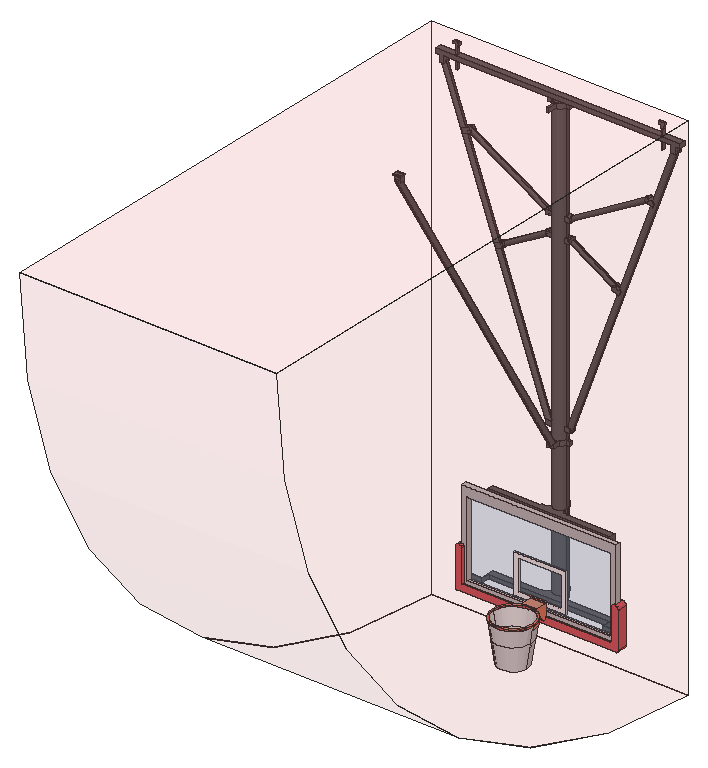
Revit family "Basketball_Backstop-Ceiling_Mount-Forward_Fold-IPIbyBison-IP1360SF-Xtra_Height", category Specialty Equipment, Revit 2026
Family settings
  Round Connector Dimension = Use Diameter
  Part Type = Normal
  Classification Number = 23.40.50.34.14
  Enable Cutting in Views = No
  Always vertical = Yes
  Cut with Voids When Loaded = No
  Maintain Annotation Orientation = No
  Shared = No
  Room Calculation Point = No
Parameters (values of type "Front Fold Front Braced")
  Unit Weight [instance] = 0
  URL = "https://ipibybison.com/"
  Swing Clearance Visible [instance] = yes
  Specification = "https://www.arcat.com/company/ipi-by-bison-38554/spec"
  Set Frame Below Truss Level [instance] = -0' - 1"
  Rim Color [instance] = Plastic - IPI by Bison - Orange OR
  Product Page URL = "https://www.arcat.com/arcatcos/cos38/arc38554.html"
  Net Color [instance] = Finish - IPI by Bison - White Netting
  Model = "IP1360SF"
  Manufacturer = "IPI by Bison"
  Keynote = "11 66 00"
  Glass [instance] = Glass - IPI by Bison
  Frame Finish [instance] = Finish - IPI by Bison - Black
  Folding Clearance [instance] = ARCAT Clearance
  F_Length of Piping Below Brace Point [instance] = 5' - 6"
  FF to Top of Hoop [instance] = 10' - 0"
  Description = "Back Folding Basketball Frame and Backboard, Ceiling Mount"
  Default Elevation = 0' - 0"
  Copyright = "© 2023 ARCAT"  # constant formula
  CAD Details = "https://www.arcat.com/company/ipi-by-bison-38554/cad"
  Backboard Type = Backboard_BA42XLGlass : Backboard_BA42XLGlass
  Backboard Square Color [instance] = Finish - IPI by Bison - White
  Backboard Padding Color [instance] = Plastic - IPI by Bison - Scarlet SC
  Backboard Frame Color [instance] = Finish - IPI by Bison - Satin Aluminum
  Backboard Distance from Wall [instance] = 7' - 0"
  B_Distance Between Y Frame Supports [instance] = 8' - 0"  # constant formula
  Available Options = "as Specified"
  A_Distance to Brace [instance] = 7' - 10"
Reference planes (in)
  plane 1 "Center (Front/Back)": y = 0
  plane 2: z = 0
  plane 3 "Center (Left/Right)": x = 0
  plane 4: y = -84
  plane 5: x = -48
  plane 6: x = 48
  plane 7: z = 120
Forms (in)
  Revolve 1, solid, material "ARCAT Clearance" <- "Folding Clearance", visible <- "Swing Clearance Visible"
    sketch origin (-24.35865, -84, 48) x (-1, 0, 0) y (0, 0, 1)
      loop
        line (35.64135, 288) -> (-84.35865, 288) -> (-84.35865, 48) -> (35.64135, 48) -> (35.64135, 288)
      axis (35.64135, 288) -> (-84.35865, 288)
    angle from 0 to 90
Dimensions and locks (in)
  "Backboard Distance from Wall": plane 4 to plane 1 "Center (Front/Back)"
  "FF to Top of Hoop": plane 7 to level
  equal spacing: plane 5, plane 3 "Center (Left/Right)", plane 6
  "B_Distance Between Y Frame Supports": plane 5 to plane 6
  locked: Revolve 1 sketch curve to plane 5 at 12
  locked: plane 6 to Revolve 1 sketch curve at 12
  locked: plane 7 to Revolve 1 sketch curve at 24
  aligned and locked: level to plane 2
  aligned and locked: nested 2 to plane 4
  aligned and locked: plane 4 to nested 1
  aligned and locked: Revolve 1 sketch curve to level
  aligned and locked: level to Revolve 1 sketch curve
Automatic sketch dimensions
  plane 6 to Revolve 1 sketch curve = 0' - 9.47738"
  plane 5 to Revolve 1 sketch curve = 0' - 4.47738"
Nested families (in)
  nested 1: "Backboard_BA42XLGlass" at (0, -84, 120) x (-1, 0, 0) z (0, 0, 1), built-in parameter 1001364 <- "FF to Top of Hoop", backboard color <- "Backboard Frame Color", backboard square color <- "Backboard Square Color", frame finish <- "Frame Finish", glass <- "Glass", rim finish <- "Rim Color", net color <- "Net Color", padding color <- "Backboard Padding Color", height offset <- "FF to Top of Hoop", type "Backboard_BA42XLGlass"
    with rim finish Plastic - IPI by Bison - Orange OR, padding color Plastic - IPI by Bison - Scarlet SC, net color Finish - IPI by Bison - White Netting, height offset 10' - 0", glass Glass - IPI by Bison, frame finish Finish - IPI by Bison - Black, backboard square color Finish - IPI by Bison - White, backboard color Finish - IPI by Bison - Satin Aluminum
  nested 2: "Frame_FFFB28" at (0, -84, 335), built-in parameter 1001364 <- "Set Frame Below Truss Level", a <- "A_Distance to Brace", f <- "F_Length of Piping Below Brace Point", frame <- "Frame Finish", type "Frame_FFFB28"
    with frame Finish - IPI by Bison - Black, f 5' - 6", b 8' - 0", a 7' - 10"
Definition of nested family "Backboard_BA42XLGlass"
  Parameters (values of type "Backboard_BA42XLGlass")
    padding color [instance] = none
    net color [instance] = none
    rim finish [instance] = none
    height offset [instance] = 9' - 6"
    glass [instance] = none
    frame finish [instance] = none
    backboard square color [instance] = none
    backboard color [instance] = none
    Default Elevation = 4' - 0"
  Reference planes (in)
    plane 1 "Center (Front/Back)": y = 0
    plane 2: z = 0
    plane 3 "Center (Left/Right)": x = 0
    plane 4: z = -114
  Forms (in)
    Extrusion 1, solid, material <- "backboard color"
      sketch origin (-8.43545, 11.2937, 28.94441) x (1, 0, 0) y (0, 0, 1)
        loop
          line (-27.56455, 6.99989) -> (-27.56455, -35.00011) -> (44.43545, -35.00011) -> (44.43545, 6.99989) -> (-27.56455, 6.99989)
        loop
          line (41.81045, 2.74989) -> (-24.93955, 2.74989) -> (-24.93955, -32.37511) -> (41.81045, -32.37511) -> (41.81045, 2.74989)
      from 1.125 to -1.125
    Extrusion 2, solid, material <- "padding color"
      sketch origin (-8.43545, 11.2937, 29.06941) x (1, 0, 0) y (0, 0, 1)
        loop
          line (-27.55038, -17.62511) -> (-27.80038, -17.62511)
          arc (-27.80038, -17.62511) -> (-29.03781, -18.13767) -> (-29.55038, -19.37511) r 1.75
          line (-29.55038, -19.37511) -> (-29.55038, -36.12511)
          arc (-29.55038, -36.12511) -> (-29.25748, -36.83222) -> (-28.55038, -37.12511) r 1
          line (-28.55038, -37.12511) -> (45.44962, -37.12511)
          arc (45.44962, -37.12511) -> (46.15673, -36.83222) -> (46.44962, -36.12511) r 1
          line (46.44962, -36.12511) -> (46.44962, -19.37511)
          arc (46.44962, -19.37511) -> (45.93706, -18.13767) -> (44.69962, -17.62511) r 1.75
          line (44.69962, -17.62511) -> (44.42127, -17.62511)
          arc (44.42127, -17.62511) -> (43.71416, -17.918) -> (43.42127, -18.62511) r 1
          line (43.42127, -18.62511) -> (43.42127, -33.98376) -> (-26.55038, -33.98376) -> (-26.55038, -18.62511)
          arc (-26.55038, -18.62511) -> (-26.84327, -17.918) -> (-27.55038, -17.62511) r 1
      from -2.18697 to 2.14819
    Revolve 3, solid, material <- "net color"
      sketch origin (-8.43545, 27.4812, 28.93687) x (1, 0, 0) y (0, 0, 1)
        loop
          circle (-0.85808, -29.24642) r 0.3125
        loop
          line (-1.03195, -29.9762) -> (0.27041, -37.36226) -> (1.80132, -48.25521) -> (2.05377, -48.25521) -> (0.51737, -37.32314) -> (-0.77809, -29.9762) -> (-1.03195, -29.9762)
        axis (8.43545, -48.25521) -> (8.43545, -29.24642)
      angle from 0 to 360
    Revolve 4, solid, material <- "rim finish"
      sketch origin (0.02792, 11.2937, 0) x (0, 1, 0) y (0, 0, 1)
        loop
          line (6.79001, -0.625) -> (6.54001, -0.625) -> (6.54001, -2.125) -> (6.79001, -2.125) -> (6.79001, -0.625)
        axis (16.04001, -2.125) -> (16.04001, -0.625)
      angle from -90 to 90
    Extrusion 5, solid, material <- "rim finish"
      sketch origin (0, 0, 0) x (0, 1, 0) y (0, 0, 1)
        loop
          line (17.69724, 0) -> (12.8212, 0) -> (13.12361, 1.21287) -> (12.79369, 1.29513) -> (12.47078, 0) -> (12.47078, -6.5) -> (13.63137, -6.5) -> (17.69724, -2.43414) -> (17.69724, 0)
      from -3.50075 to 3.49925
    Extrusion 6, solid, material <- "backboard square color"
      sketch origin (0.02792, 11.2937, 0) x (1, 0, 0) y (0, 0, 1)
        loop
          line (-12.02792, 16.0023) -> (-12.02792, -1.9977) -> (11.97208, -1.9977) -> (11.97208, 16.0023) -> (-12.02792, 16.0023)
        loop
          line (-10.02792, 14.0023) -> (-10.02792, 0) -> (9.97208, 0) -> (9.97208, 14.0023) -> (-10.02792, 14.0023)
      from -0.44333 to 0.05679
    Extrusion 7, solid, material <- "glass"
      sketch origin (0.02792, 11.2937, 0) x (1, 0, 0) y (0, 0, 1)
        loop
          line (-33.40292, 31.6943) -> (-33.40292, -3.4307) -> (33.34708, -3.4307) -> (33.34708, 31.6943) -> (-33.40292, 31.6943)
      from -0.405 to 0
    Extrusion 8, solid, material <- "frame finish"
      sketch origin (0, 11.2937, 0) x (1, 0, 0) y (0, 1, 0)
        loop
          line (-28.5, -7.7495) -> (-6, -7.7495) -> (-6, -8.1245) -> (-4.12188, -8.1245) -> (-3.02199, -10.02957)
          arc (-3.02199, -10.02957) -> (-2.89931, -12.81607) -> (-0.66175, -14.4813) r 3.25
          line (-0.66175, -14.4813) -> (-0.66175, -16.28845) -> (0.60591, -16.28845) -> (0.60591, -14.4813)
          arc (0.60591, -14.4813) -> (2.82905, -12.84298) -> (2.98938, -10.08605) r 3.25
          line (2.98938, -10.08605) -> (4.12188, -8.1245) -> (6, -8.1245) -> (6, -7.7495) -> (28.5, -7.7495) -> (28.5, -1.4995) -> (33, -1.4995) -> (33, -1.125) -> (28.25, -1.125) -> (28.25, -4.7495) -> (-28.25, -4.7495) -> (-28.25, -1.125) -> (-33, -1.125) -> (-33, -1.4995) -> (-28.5, -1.4995) -> (-28.5, -7.7495)
      from -3.4307 to -1.5237
    Extrusion 9, solid, material <- "frame finish"
      sketch origin (0, 11.2937, 0) x (1, 0, 0) y (0, 1, 0)
        loop
          line (-28.5, -7.7495) -> (-6, -7.7495) -> (-6, -8.1245) -> (-4.12188, -8.1245) -> (-3.02199, -10.02957)
          arc (-3.02199, -10.02957) -> (-2.89931, -12.81607) -> (-0.66175, -14.4813) r 3.25
          line (-0.66175, -14.4813) -> (-0.66175, -16.28845) -> (0.60591, -16.28845) -> (0.60591, -14.4813)
          arc (0.60591, -14.4813) -> (2.82905, -12.84298) -> (2.98938, -10.08605) r 3.25
          line (2.98938, -10.08605) -> (4.12188, -8.1245) -> (6, -8.1245) -> (6, -7.7495) -> (28.5, -7.7495) -> (28.5, -1.4995) -> (33, -1.4995) -> (33, -1.125) -> (28.25, -1.125) -> (28.25, -4.7495) -> (-28.25, -4.7495) -> (-28.25, -1.125) -> (-33, -1.125) -> (-33, -1.4995) -> (-28.5, -1.4995) -> (-28.5, -7.7495)
      from 31.75979 to 34.1423
  Lines and regions (in)
    model lines
      curve 1: line (-0.00075, 0, 0) -> (-0.00075, 0, -114)
  Dimensions and locks (in)
    "height offset": level to plane 4
    aligned and locked: plane 2 to level
    aligned and locked: plane 4 to curve 1
  Automatic sketch dimensions
    curve 1 to level = 0' - 0"
    curve 1 to plane 3 "Center (Left/Right)" = 0' - 0.00075"
    Extrusion 1 sketch curve to plane 3 "Center (Left/Right)" = 3' - 0"
    Extrusion 1 sketch curve to Extrusion 1 sketch curve = 0' - 2 5/8"  (x2)
    plane 3 "Center (Left/Right)" to Extrusion 1 sketch curve = 2' - 9 3/8"
    Extrusion 1 sketch curve to level = 0' - 6.0557"
    Extrusion 1 sketch curve to level = 0' - 3.4307"
    level to Extrusion 1 sketch curve = 2' - 7.6943"
    Extrusion 1 sketch curve to Extrusion 1 sketch curve = 0' - 4 1/4"
    level to Extrusion 2 sketch curve = 0' - 9.6943"
    Extrusion 2 sketch curve to plane 3 "Center (Left/Right)" = 3' - 1.98582"
    Extrusion 2 sketch curve to Extrusion 2 sketch curve = 0' - 1"  (x4)
    Extrusion 2 sketch curve to Extrusion 2 sketch curve = 0' - 1 3/4"
    Extrusion 2 sketch curve to Extrusion 2 sketch curve = 0' - 0 1/4"
    level to Extrusion 2 sketch curve = 0' - 10.4443"
    plane 3 "Center (Left/Right)" to Extrusion 2 sketch curve = 2' - 10.98582"
    Extrusion 2 sketch curve to Extrusion 2 sketch curve = 0' - 0.27835"
    Extrusion 2 sketch curve to Extrusion 2 sketch curve = 0' - 2.02835"
    Extrusion 2 sketch curve to level = 0' - 4.91435"
    Extrusion 2 sketch curve to Extrusion 2 sketch curve = 0' - 2.14135"
    Revolve 3 sketch curve to plane 3 "Center (Left/Right)" = 0' - 0"
    Revolve 3 sketch curve to plane 3 "Center (Left/Right)" = 0' - 6.38167"
    Revolve 3 sketch curve to Revolve 3 sketch curve = 0' - 0.25246"
    Revolve 3 sketch curve to plane 3 "Center (Left/Right)" = 0' - 7.91808"
    Revolve 3 sketch curve to Revolve 3 sketch curve = 0' - 0.24696"
    Revolve 3 sketch curve to level = 0' - 1.03933"
    Revolve 3 sketch curve to Revolve 3 sketch curve = 0' - 1.0485"
    Revolve 3 sketch curve to level = 0' - 0.30954"
    Revolve 3 sketch curve to Revolve 3 sketch curve = 0' - 0.07999"
    Revolve 3 sketch curve to Revolve 3 sketch curve = 0' - 0.25386"
    Revolve 3 sketch curve to Revolve 3 sketch curve = 0' - 7.34694"
    Revolve 3 sketch curve to Revolve 3 sketch curve = 0' - 0.03911"
    Revolve 3 sketch curve to Revolve 3 sketch curve = 0' - 10.89295"
    Revolve 3 sketch curve to level = 0' - 0.00754"
    level to Revolve 3 sketch curve = 0' - 2.99246"
    Revolve 4 sketch curve to level = 0' - 2 1/8"
    Revolve 4 sketch curve to plane 1 "Center (Front/Back)" = 1' - 5.83371"
    Revolve 4 sketch curve to Revolve 4 sketch curve = 0' - 0 1/4"
    Revolve 4 sketch curve to level = 0' - 0 5/8"  (x2)
    Revolve 4 sketch curve to Revolve 4 sketch curve = 0' - 9 1/4"
    level to Revolve 4 sketch curve = 0' - 3 1/8"
    Extrusion 5 sketch curve to level = 0' - 0"  (x2)
    Extrusion 5 sketch curve to plane 1 "Center (Front/Back)" = 1' - 0.47078"
    level to Extrusion 5 sketch curve = 0' - 1.29513"
    Extrusion 5 sketch curve to Extrusion 5 sketch curve = 0' - 0.32291"
    Extrusion 5 sketch curve to Extrusion 5 sketch curve = 0' - 0.35043"
    Extrusion 5 sketch curve to Extrusion 5 sketch curve = 0' - 1.16059"
    Extrusion 5 sketch curve to Extrusion 5 sketch curve = 0' - 4.57363"
    Extrusion 5 sketch curve to Extrusion 5 sketch curve = 0' - 2.43414"
    Extrusion 5 sketch curve to Extrusion 5 sketch curve = 0' - 6 1/2"
    Extrusion 6 sketch curve to level = 0' - 0"
    Extrusion 6 sketch curve to level = 0' - 1.9977"
    Extrusion 6 sketch curve to plane 3 "Center (Left/Right)" = 1' - 0"
    Extrusion 6 sketch curve to Extrusion 6 sketch curve = 0' - 2"  (x3)
    plane 3 "Center (Left/Right)" to Extrusion 6 sketch curve = 0' - 10"
    Extrusion 6 sketch curve to Extrusion 6 sketch curve = 1' - 2.0023"
    Extrusion 7 sketch curve to plane 3 "Center (Left/Right)" = 2' - 9 3/8"
    Extrusion 7 sketch curve to level = 0' - 3.4307"
    plane 3 "Center (Left/Right)" to Extrusion 7 sketch curve = 2' - 9 3/8"
    level to Extrusion 7 sketch curve = 2' - 7.6943"
    Extrusion 8 sketch curve to Extrusion 8 sketch curve = 0' - 0"  (x3)
    plane 1 "Center (Front/Back)" to Extrusion 8 sketch curve = 0' - 0"
    Extrusion 8 sketch curve to plane 1 "Center (Front/Back)" = 0' - 9.7942"
    Extrusion 8 sketch curve to plane 3 "Center (Left/Right)" = 2' - 9"
    Extrusion 8 sketch curve to plane 1 "Center (Front/Back)" = 0' - 3.5442"
    Extrusion 8 sketch curve to Extrusion 8 sketch curve = 0' - 4 1/2"  (x2)
    Extrusion 8 sketch curve to Extrusion 8 sketch curve = 0' - 0 1/4"  (x2)
    Extrusion 8 sketch curve to plane 3 "Center (Left/Right)" = 0' - 6"
    Extrusion 8 sketch curve to Extrusion 8 sketch curve = 0' - 1.87812"  (x2)
    Extrusion 8 sketch curve to Extrusion 8 sketch curve = 0' - 1.09989"
    Extrusion 8 sketch curve to plane 3 "Center (Left/Right)" = 0' - 0.66175"
    Extrusion 8 sketch curve to plane 3 "Center (Left/Right)" = 0' - 0.02792"
    plane 3 "Center (Left/Right)" to Extrusion 8 sketch curve = 0' - 0.60591"
    Extrusion 8 sketch curve to plane 1 "Center (Front/Back)" = 0' - 1.20765"
    plane 3 "Center (Left/Right)" to Extrusion 8 sketch curve = 0' - 2.98938"
    Extrusion 8 sketch curve to Extrusion 8 sketch curve = 0' - 1.1325"
    Extrusion 8 sketch curve to plane 1 "Center (Front/Back)" = 0' - 10.1687"
    Extrusion 8 sketch curve to Extrusion 8 sketch curve = 1' - 10 1/4"
    Extrusion 8 sketch curve to Extrusion 8 sketch curve = 0' - 1.80715"
    Extrusion 8 sketch curve to Extrusion 8 sketch curve = 0' - 0 3/8"  (x2)
    Extrusion 8 sketch curve to plane 1 "Center (Front/Back)" = 0' - 3.1692"
    Extrusion 8 sketch curve to Extrusion 8 sketch curve = 0' - 3"
    Extrusion 8 sketch curve to Extrusion 8 sketch curve = 0' - 0.3745"  (x2)
    Extrusion 9 sketch curve to Extrusion 9 sketch curve = 0' - 0"  (x3)
    plane 1 "Center (Front/Back)" to Extrusion 9 sketch curve = 0' - 0"
    Extrusion 9 sketch curve to plane 1 "Center (Front/Back)" = 0' - 9.7942"
    Extrusion 9 sketch curve to plane 3 "Center (Left/Right)" = 2' - 9"
    Extrusion 9 sketch curve to plane 1 "Center (Front/Back)" = 0' - 3.5442"  (x2)
    Extrusion 9 sketch curve to Extrusion 9 sketch curve = 0' - 4 1/2"  (x2)
    Extrusion 9 sketch curve to Extrusion 9 sketch curve = 0' - 0 1/4"  (x2)
    Extrusion 9 sketch curve to plane 3 "Center (Left/Right)" = 0' - 6"
    Extrusion 9 sketch curve to Extrusion 9 sketch curve = 0' - 1.87812"  (x2)
    Extrusion 9 sketch curve to Extrusion 9 sketch curve = 0' - 1.09989"
    Extrusion 9 sketch curve to plane 3 "Center (Left/Right)" = 0' - 0.66175"
    Extrusion 9 sketch curve to plane 3 "Center (Left/Right)" = 0' - 0.02792"
    plane 3 "Center (Left/Right)" to Extrusion 9 sketch curve = 0' - 0.60591"
    Extrusion 9 sketch curve to plane 1 "Center (Front/Back)" = 0' - 1.20765"
    plane 3 "Center (Left/Right)" to Extrusion 9 sketch curve = 0' - 2.98938"
    Extrusion 9 sketch curve to Extrusion 9 sketch curve = 0' - 1.1325"
    Extrusion 9 sketch curve to plane 1 "Center (Front/Back)" = 0' - 10.1687"
    Extrusion 9 sketch curve to Extrusion 9 sketch curve = 1' - 10 1/4"
    Extrusion 9 sketch curve to Extrusion 9 sketch curve = 0' - 1.80715"
    Extrusion 9 sketch curve to Extrusion 9 sketch curve = 0' - 0 3/8"
    Extrusion 9 sketch curve to plane 1 "Center (Front/Back)" = 0' - 3.1692"
    Extrusion 9 sketch curve to Extrusion 9 sketch curve = 0' - 3"
    Extrusion 9 sketch curve to Extrusion 9 sketch curve = 0' - 0.3745"  (x2)
    radius of Revolve 3 sketch curve = 0' - 0 5/16"
Definition of nested family "Frame_FFFB28"
  Parameters (values of type "Frame_FFFB28")
    frame [instance] = none
    f [instance] = 5' - 6"
    b [instance] = 8' - 0"  # constant formula
    a [instance] = 7' - 10"
    Default Elevation = 4' - 0"
  Reference planes (in)
    plane 1 "Center (Front/Back)": y = 0
    plane 2: z = 0
    plane 3 "Center (Left/Right)": x = 0
    plane 4: z = -4.125
    plane 5: x = -48
    plane 6: x = 48
    plane 7: y = -94
    plane 8: z = -218.99815
    plane 9: z = -147.99815
    plane 10: z = -152.99815
  Forms (in)
    Extrusion 1, solid, material <- "frame"
      sketch origin (0, -11.3035, -153.07474) x (-1, 0, 0) y (0, -1, 0)
        loop
          circle (0, -11.3035) r 3
      from -65.92342 to 142.141
    Sweep 2, solid, material <- "frame"
      path origin (0, -11.3035, -153.07474) x (0, -1, 0) y (0, 0, 1)
        loop
          line (-6.72086, 0.07658) -> (83.22425, 150.2898)
      profile origin (0, -49.5552, -77.89154) x (0, 0.857953, 0.513728) y (-1, 0, 0)
        loop
          circle (0, 0) r 1.1875
    Extrusion 3, solid, material <- "frame"
      sketch origin (0, -7.24868, -152.99815) x (0, -1, 0) y (1, 0, 0)
        loop
          arc (-7.85459, 3.12672) -> (-10.42565, 0) -> (-7.85459, -3.12672) r 3.18676
          line (-7.85459, -3.12672) -> (-7.85459, -5.03472) -> (-6.62159, -5.03472) -> (-6.62159, -3.12716)
          arc (-6.62159, -3.12716) -> (-5.42523, -2.62123) -> (-4.53006, -1.68) r 3.1875
          line (-4.53006, -1.68) -> (-1.38829, -1.68) -> (-1.38829, 1.68) -> (-4.53006, 1.68)
          arc (-4.53006, 1.68) -> (-5.42523, 2.62123) -> (-6.62159, 3.12716) r 3.1875
          line (-6.62159, 3.12716) -> (-6.62159, 5.03472) -> (-7.85459, 5.03472) -> (-7.85459, 3.12672)
      from 1 to -1
    Extrusion 4, solid, material <- "frame"
      sketch origin (0, -11.3035, 0.00021) x (-1, 0, 0) y (0, -1, 0)
        loop
          arc (-3.12672, -11.90941) -> (0, -14.48047) -> (3.12672, -11.90941) r 3.18676
          line (3.12672, -11.90941) -> (5.03472, -11.90941) -> (5.03472, -10.67641) -> (3.12716, -10.67641)
          arc (3.12716, -10.67641) -> (2.22195, -9.00829) -> (0.529, -8.15041) r 3.1875
          line (0.529, -8.15041) -> (0.529, -4.10397) -> (-0.529, -4.10397) -> (-0.529, -8.15041)
          arc (-0.529, -8.15041) -> (-2.22195, -9.00829) -> (-3.12716, -10.67641) r 3.1875
          line (-3.12716, -10.67641) -> (-5.03472, -10.67641) -> (-5.03472, -11.90941) -> (-3.12672, -11.90941)
      from -13.11368 to -11.12364
    Extrusion 5, solid, material <- "frame"
      sketch origin (0, -11.3035, 0.00021) x (-1, 0, 0) y (0, 0, 1)
        loop
          line (-48.5, -3.50564) -> (-48.5, -3.61459) -> (-49.16126, -3.61459) -> (-49.16126, -4.63582) -> (-48.5, -4.63582) -> (-48.5, -6.00564) -> (-48.40732, -6.00564) -> (-48.40732, -15.00564) -> (-47.59268, -15.00564) -> (-47.59268, -6.00564) -> (-47.5, -6.00564) -> (-47.5, -4.63582) -> (-46.36, -4.63582) -> (-46.36, -3.61459) -> (-47.5, -3.61459) -> (-47.5, -3.50564) -> (-48.5, -3.50564)
        loop
          line (48.5, -3.50564) -> (47.5, -3.50564) -> (47.5, -3.61459) -> (46.83874, -3.61459) -> (46.83874, -4.63582) -> (47.5, -4.63582) -> (47.5, -6.00564) -> (47.59268, -6.00564) -> (47.59268, -15.00564) -> (48.40732, -15.00564) -> (48.40732, -6.00564) -> (48.5, -6.00564) -> (48.5, -4.63582) -> (49.64, -4.63582) -> (49.64, -3.61459) -> (48.5, -3.61459) -> (48.5, -3.50564)
      from 10.871 to 11.73041
    Extrusion 6, solid, material <- "frame"
      sketch origin (0, -94, -0.87353) x (0, 0, -1) y (1, 0, 0)
        loop
          line (-0.00254, 1.5625) -> (-0.00254, -1.5625) -> (2.99746, -1.5625) -> (2.99746, 1.5625) -> (-0.00254, 1.5625)
      from -0.625 to 0.625
    Extrusion 7, solid, material <- "frame"
      sketch origin (0, 0, 0.00021) x (0, -1, 0) y (0, 0, 1)
        loop
          line (92.5, -0.87374) -> (92.5, -1.12374) -> (95.5, -1.12374) -> (95.5, -0.87374) -> (92.5, -0.87374)
      from -1.5625 to 1.5625
    Extrusion 8, solid, material <- "frame"
      sketch origin (0, -0.03, 0) x (1, 0, 0) y (0, 0, 1)
        loop
          line (-57, -8.85715) -> (-57, -10.85715) -> (-55, -10.85715) -> (-55, -14.10715) -> (-53, -14.10715) -> (-53, -10.85715) -> (53, -10.85715) -> (53, -14.10715) -> (55, -14.10715) -> (55, -10.85715) -> (57, -10.85715) -> (57, -8.85715) -> (-57, -8.85715)
      from -1.53 to 1.47
    Sweep 9, solid, material <- "frame"
      path origin (0, -0.03, 0) x (-1, 0, 0) y (0, 0, 1)
        loop
          line (-54.25831, -12.58204) -> (-4.68934, -147.70227)
      profile origin (29.47382, -0.03, -80.14215) x (0.93882, 0, -0.344407) y (0, -1, 0)
        loop
          circle (0, 0) r 1.2175
    Extrusion 10, solid, material <- "frame"
      sketch origin (0, -0.03, 0) x (1, 0, 0) y (0, 0, 1)
        loop
          line (-44.88847, -38.1233) -> (-44.19966, -40.00094) -> (-40.5513, -38.66254) -> (-41.24011, -36.7849) -> (-44.88847, -38.1233)
        loop
          line (-29.35533, -80.46516) -> (-28.66652, -82.3428) -> (-25.14594, -81.05127) -> (-25.83475, -79.17363) -> (-29.35533, -80.46516)
        loop
          line (-2.78107, -58.17015) -> (-5.78107, -58.17015) -> (-5.78107, -60.17015) -> (-2.78107, -60.17015) -> (-2.78107, -58.17015)
        loop
          line (-2.78107, -67.17015) -> (-5.78107, -67.17015) -> (-5.78107, -69.17015) -> (-2.78107, -69.17015) -> (-2.78107, -67.17015)
        loop
          line (44.88847, -38.1233) -> (41.24011, -36.7849) -> (40.5513, -38.66254) -> (44.19966, -40.00094) -> (44.88847, -38.1233)
        loop
          line (29.35533, -80.46516) -> (25.83475, -79.17363) -> (25.14594, -81.05127) -> (28.66652, -82.3428) -> (29.35533, -80.46516)
        loop
          line (2.78107, -58.17015) -> (2.78107, -60.17015) -> (5.78107, -60.17015) -> (5.78107, -58.17015) -> (2.78107, -58.17015)
        loop
          line (2.78107, -67.17015) -> (2.78107, -69.17015) -> (5.78107, -69.17015) -> (5.78107, -67.17015) -> (2.78107, -67.17015)
        loop
          line (-2.69765, -147.99815) -> (-2.69765, -145.99815) -> (-5.69765, -145.99815) -> (-5.69765, -147.99815) -> (-2.69765, -147.99815)
        loop
          line (2.69765, -147.99815) -> (5.69765, -147.99815) -> (5.69765, -145.99815) -> (2.69765, -145.99815) -> (2.69765, -147.99815)
      from -1.42904 to 1.345
    Sweep 11, solid, material <- "frame"
      path origin (0, -0.03, 0) x (1, 0, 0) y (0, 0, 1)
        loop
          line (-42.36358, -37.61622) -> (-4.38156, -59.54515)
      profile origin (-23.37257, -0.03, -48.58069) x (0.5, 0, 0.866025) y (0, -1, 0)
        loop
          circle (0, 0) r 1
    Sweep 12, solid, material <- "frame"
      path origin (0, -0.03, 0) x (-1, 0, 0) y (0, 0, 1)
        loop
          line (-42.36358, -37.61622) -> (-4.38156, -59.54515)
      profile origin (23.37257, -0.03, -48.58069) x (0.5, 0, -0.866025) y (0, -1, 0)
        loop
          circle (0, 0) r 1
    Sweep 13, solid, material <- "frame"
      path origin (0, -0.03, 0) x (1, 0, 0) y (0, 0, 1)
        loop
          line (-26.81592, -80.74764) -> (-4.38156, -67.79515)
      profile origin (-15.59874, -0.03, -74.2714) x (-0.5, 0, 0.866025) y (0, -1, 0)
        loop
          circle (0, 0) r 1
    Sweep 14, solid, material <- "frame"
      path origin (0, -0.03, 0) x (-1, 0, 0) y (0, 0, 1)
        loop
          line (-26.81592, -80.74764) -> (-4.38156, -67.79515)
      profile origin (15.59874, -0.03, -74.2714) x (-0.5, 0, -0.866025) y (0, -1, 0)
        loop
          circle (0, 0) r 1
    Sweep 15, solid, material <- "frame"
      path origin (0, -0.03, 0) x (1, 0, 0) y (0, 0, 1)
        loop
          line (-54.25831, -12.58204) -> (-4.68934, -147.70227)
      profile origin (-29.47382, -0.03, -80.14215) x (0.93882, 0, 0.344407) y (0, -1, 0)
        loop
          circle (0, 0) r 1.2175
  Dimensions and locks (in)
    Extrusion 5 sketch curve to Extrusion 5 sketch curve to Extrusion 5 sketch curve to Extrusion 5 sketch curve = 0' - 0.09268" locked, 0' - 0.81463", 0' - 0.09268" locked  (x2)
    locked: Extrusion 7 sketch curve to Extrusion 7 sketch curve at 3
    equal spacing: plane 5, plane 3 "Center (Left/Right)", plane 6
    "b": plane 5 to plane 6
    "a": plane 7 to plane 1 "Center (Front/Back)"
    locked: Sweep 2 sketch curve to plane 7 at 0.52775
    locked: level to Sweep 2 sketch curve at 2.78493
    locked: level to Sweep 2 sketch curve at 152.99815
    locked: Sweep 2 sketch curve to plane 1 "Center (Front/Back)" at 4.58264
    locked: Extrusion 7 sketch curve to plane 7 at 1.5
    locked: level to plane 4 at 4.125
    locked: plane 4 to plane 9 at 143.87315
    locked: plane 9 to plane 10 at 5
    "f": plane 10 to plane 8
    Extrusion 10 sketch curve to plane 9 to Extrusion 10 sketch curve = 0' - 2" locked, 0' - 0" locked  (x2)
    locked: Sweep 9 sketch curve to plane 9 at 0.29588
    locked: Sweep 9 sketch curve to plane 3 "Center (Left/Right)" at 4.68934
    locked: plane 4 to Sweep 9 sketch curve at 8.45704
    locked: plane 6 to Sweep 9 sketch curve at 6.25831
    locked: plane 4 to Sweep 13 sketch curve at 76.62264
    locked: plane 5 to Sweep 13 sketch curve at 21.18408
    locked: plane 4 to Sweep 15 sketch curve at 143.57727
    locked: plane 3 "Center (Left/Right)" to Sweep 15 sketch curve at 4.68934
    locked: plane 4 to Sweep 15 sketch curve at 8.45704
    locked: Sweep 15 sketch curve to plane 5 at 6.25831
    aligned and locked: plane 2 to level
    aligned and locked: plane 8 to Extrusion 1
  Automatic sketch dimensions
    plane 1 "Center (Front/Back)" to Extrusion 1 sketch curve = 0' - 0"
    Extrusion 1 sketch curve to plane 3 "Center (Left/Right)" = 0' - 0"
    profile plane to Sweep 2 sketch curve = 0' - 0"
    Sweep 2 sketch curve to profile plane = 0' - 0"
    Extrusion 3 sketch curve to Extrusion 3 sketch curve = 0' - 0"  (x7)
    Extrusion 3 sketch curve to plane 3 "Center (Left/Right)" = 0' - 0"
    Extrusion 3 sketch curve to plane 1 "Center (Front/Back)" = 0' - 0.60591"  (x2)
    plane 1 "Center (Front/Back)" to Extrusion 3 sketch curve = 0' - 0.0098"
    plane 1 "Center (Front/Back)" to Extrusion 3 sketch curve = 0' - 0.62709"  (x2)
    Extrusion 3 sketch curve to Extrusion 3 sketch curve = 0' - 2.09154"  (x2)
    plane 3 "Center (Left/Right)" to Extrusion 3 sketch curve = 0' - 1.68"
    Extrusion 3 sketch curve to Extrusion 3 sketch curve = 0' - 3.14176"
    Extrusion 3 sketch curve to plane 3 "Center (Left/Right)" = 0' - 1.68"
    Extrusion 3 sketch curve to Extrusion 3 sketch curve = 0' - 0.00044"
    Extrusion 3 sketch curve to Extrusion 3 sketch curve = 0' - 1.90801"
    Extrusion 3 sketch curve to Extrusion 3 sketch curve = 0' - 1.90757"
    Extrusion 4 sketch curve to Extrusion 4 sketch curve = 0' - 0"  (x8)
    Extrusion 4 sketch curve to plane 3 "Center (Left/Right)" = 0' - 0"
    plane 3 "Center (Left/Right)" to Extrusion 4 sketch curve = 0' - 0.529"
    Extrusion 4 sketch curve to plane 1 "Center (Front/Back)" = 0' - 0.60591"  (x2)
    plane 3 "Center (Left/Right)" to Extrusion 4 sketch curve = 0' - 3.12672"
    Extrusion 4 sketch curve to Extrusion 4 sketch curve = 0' - 1.90801"
    Extrusion 4 sketch curve to plane 3 "Center (Left/Right)" = 0' - 0.529"
    plane 1 "Center (Front/Back)" to Extrusion 4 sketch curve = 0' - 0.62709"  (x2)
    Extrusion 4 sketch curve to Extrusion 4 sketch curve = 0' - 0.00044"
    Extrusion 4 sketch curve to Extrusion 4 sketch curve = 0' - 1.90757"
    plane 1 "Center (Front/Back)" to Extrusion 4 sketch curve = 0' - 0.0098"
    Extrusion 4 sketch curve to Extrusion 4 sketch curve = 0' - 4.04643"
    Extrusion 5 sketch curve to plane 4 = 0' - 0.51062"  (x4)
    Extrusion 5 sketch curve to plane 6 = 0' - 1.16126"
    Extrusion 5 sketch curve to plane 6 = 0' - 0 1/2"  (x2)
    plane 6 to Extrusion 5 sketch curve = 0' - 0 1/2"
    plane 4 to Extrusion 5 sketch curve = 0' - 0.51062"  (x4)
    Extrusion 5 sketch curve to Extrusion 5 sketch curve = 0' - 1.14"  (x2)
    Extrusion 5 sketch curve to plane 5 = 0' - 1.16126"
    Extrusion 5 sketch curve to plane 5 = 0' - 0 1/2"  (x2)
    Extrusion 5 sketch curve to Extrusion 5 sketch curve = 0' - 0.09268"
    Extrusion 5 sketch curve to Extrusion 5 sketch curve = 0' - 1.36982"  (x2)
    Extrusion 5 sketch curve to Extrusion 5 sketch curve = 0' - 0"  (x2)
    Extrusion 5 sketch curve to Extrusion 5 sketch curve = 0' - 9"  (x2)
    Extrusion 5 sketch curve to Extrusion 5 sketch curve = 0' - 0.10895"  (x2)
    Extrusion 6 sketch curve to level = 0' - 0.87099"
    plane 4 to Extrusion 6 sketch curve = 0' - 0.25401"
    Extrusion 6 sketch curve to plane 3 "Center (Left/Right)" = 0' - 1 9/16"
    plane 3 "Center (Left/Right)" to Extrusion 6 sketch curve = 0' - 1 9/16"
    Extrusion 7 sketch curve to level = 0' - 1.12353"
    Extrusion 7 sketch curve to Extrusion 7 sketch curve = 0' - 0 1/4"
    plane 5 to Extrusion 8 sketch curve = 0' - 9"
    Extrusion 8 sketch curve to Extrusion 8 sketch curve = 0' - 2"  (x5)
    Extrusion 8 sketch curve to plane 6 = 0' - 5"
    Extrusion 8 sketch curve to plane 4 = 0' - 9.98215"  (x2)
    Extrusion 8 sketch curve to Extrusion 8 sketch curve = 0' - 3 1/4"  (x2)
    Extrusion 8 sketch curve to Extrusion 8 sketch curve = 0' - 0"
    Sweep 9 sketch curve to profile plane = 0' - 0"  (x2)
    Extrusion 10 sketch curve to plane 5 = 0' - 3.11153"
    Extrusion 10 sketch curve to Extrusion 10 sketch curve = 0' - 0.68881"  (x4)
    Extrusion 10 sketch curve to Extrusion 10 sketch curve = 0' - 3.64836"
    Extrusion 10 sketch curve to plane 5 = 1' - 6.64467"
    Extrusion 10 sketch curve to Extrusion 10 sketch curve = 0' - 3.52058"  (x2)
    Extrusion 10 sketch curve to plane 3 "Center (Left/Right)" = 0' - 5.78107"  (x2)
    Extrusion 10 sketch curve to plane 3 "Center (Left/Right)" = 0' - 5.69765"
    Extrusion 10 sketch curve to plane 3 "Center (Left/Right)" = 0' - 2.78107"  (x2)
    Extrusion 10 sketch curve to plane 3 "Center (Left/Right)" = 0' - 2.69765"
    plane 3 "Center (Left/Right)" to Extrusion 10 sketch curve = 0' - 2.69765"
    plane 3 "Center (Left/Right)" to Extrusion 10 sketch curve = 0' - 2.78107"  (x2)
    Extrusion 10 sketch curve to Extrusion 10 sketch curve = 0' - 3"  (x3)
    Extrusion 10 sketch curve to Extrusion 10 sketch curve = 1' - 7.36487"
    plane 6 to Extrusion 10 sketch curve = 0' - 7.4487"
    plane 6 to Extrusion 10 sketch curve = 0' - 3.80034"
    Extrusion 10 sketch curve to Extrusion 10 sketch curve = 5' - 3.65535"
    Extrusion 10 sketch curve to Extrusion 10 sketch curve = 0' - 0"  (x3)
    Extrusion 10 sketch curve to Extrusion 10 sketch curve = 0' - 1.29153"  (x2)
    Extrusion 10 sketch curve to Extrusion 10 sketch curve = 0' - 10.00348"
    Extrusion 10 sketch curve to Extrusion 10 sketch curve = 0' - 2"  (x4)
    Extrusion 10 sketch curve to Extrusion 10 sketch curve = 0' - 7"
    Extrusion 10 sketch curve to level = 3' - 4.00094"  (x2)
    Extrusion 10 sketch curve to Extrusion 10 sketch curve = 0' - 1.3384"  (x2)
    Sweep 11 sketch curve to plane 5 = 0' - 5.63642"
    Sweep 11 sketch curve to plane 3 "Center (Left/Right)" = 0' - 4.38156"
    Sweep 11 sketch curve to plane 4 = 4' - 7.42015"
    Sweep 11 sketch curve to plane 4 = 2' - 9.49122"
    Sweep 11 sketch curve to profile plane = 0' - 0"  (x2)
    Sweep 12 sketch curve to plane 6 = 0' - 5.63642"
    Sweep 12 sketch curve to plane 3 "Center (Left/Right)" = 0' - 4.38156"
    plane 4 to Sweep 12 sketch curve = 4' - 7.42015"
    plane 4 to Sweep 12 sketch curve = 2' - 9.49122"
    Sweep 12 sketch curve to profile plane = 0' - 0"  (x2)
    Sweep 13 sketch curve to plane 3 "Center (Left/Right)" = 0' - 4.38156"
    Sweep 13 sketch curve to Sweep 13 sketch curve = 1' - 0.95249"
    Sweep 13 sketch curve to profile plane = 0' - 0"
    profile plane to Sweep 13 sketch curve = 0' - 0"
    Sweep 14 sketch curve to plane 6 = 1' - 9.18408"
    Sweep 14 sketch curve to plane 9 = 5' - 7.25051"
    Sweep 14 sketch curve to plane 3 "Center (Left/Right)" = 0' - 4.38156"
    Sweep 14 sketch curve to Sweep 14 sketch curve = 1' - 0.95249"
    Sweep 14 sketch curve to profile plane = 0' - 0"
    profile plane to Sweep 14 sketch curve = 0' - 0"
    Sweep 15 sketch curve to profile plane = 0' - 0"  (x2)
    radius of Extrusion 1 sketch curve = 0' - 3"
    radius of Sweep 2 sketch curve = 0' - 1 3/16"
    radius of Sweep 9 sketch curve = 0' - 1.2175"
    radius of Sweep 11 sketch curve = 0' - 1"
    radius of Sweep 12 sketch curve = 0' - 1"
    radius of Sweep 13 sketch curve = 0' - 1"
    radius of Sweep 14 sketch curve = 0' - 1"
    radius of Sweep 15 sketch curve = 0' - 1.2175"
